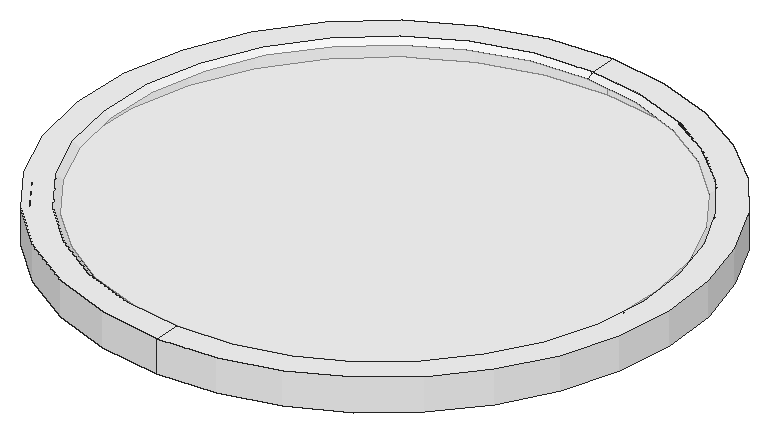
Revit family "AFX-EGRF-", category Lighting Fixtures, host Face, Revit 2020
Family settings
  Host = Face
  Round Connector Dimension = Use Diameter
  Part Type = Normal
  Cut with Voids When Loaded = No
  Light Source = Yes
  Shared = No
  Room Calculation Point = No
Parameters
  Wattage Comments = "22 W"
  Wattage = 9.2903 W
  built-in parameter 1150110 = 1 (stored number, unit not read)
  Voltage = 120 V
  URL = "https://www.afxinc.com/"
  Type Comments = "EGRF"  # constant formula
  built-in parameter 1114217 = 1 (stored number, unit not read)
  Tilt Angle = 90.00°
  built-in parameter 1150109 = 1 (stored number, unit not read)
  built-in parameter 1150134 = 3
  built-in parameter 1150113 = 1 (stored number, unit not read)
  Screen Finish = AFX - Diffuser Frosted
  Revit Model Built By = "https://servex-us.com/servex-revit/"
  Photometric Web File = "EGRF1216Lxx_IES.IES"
  Model = "EGRF12"
  Manufacturer = "AFX Inc"  # constant formula
  built-in parameter 1150105 = 109.82 (stored number, unit not read)
  Lumens = 1380 lm
  built-in parameter 1150115 = 1 (stored number, unit not read)
  built-in parameter 1150137 = (empty or 0)
  built-in parameter 1150139 = (empty or 0)
  built-in parameter 1150112 = 1 (stored number, unit not read)
  built-in parameter 1150114 = 1 (stored number, unit not read)
  Lamp = "LED"
  built-in parameter 1150132 = (empty or 0)
  built-in parameter 1150102 = (empty or 0)
  built-in parameter 1150107 = 3200 (stored number, unit not read)
  built-in parameter 1150138 = (empty or 0)
  built-in parameter 1150106 = 1.0982 (stored number, unit not read)
  Emit from Circle Diameter = 1' - 0"
  Emit Shape Visible in Rendering = no
  built-in parameter 1150104 = 13.8 (stored number, unit not read)
  Dimming Lamp Color Temperature Shift = (empty or 0)
  Description = "Edge Round 12'' LED Flush Mount  -  8 variations"
  Default Elevation = 4' - 0"
  Color Filter = 16777215
  Body Finish = AFX - Metal Powder Coated White
  built-in parameter 1114218 = 1 (stored number, unit not read)
  built-in parameter 1150133 = 10 (stored number, unit not read)
Reference planes (in)
  plane 1 "Center (Front/Back)": y = 0
  plane 2: z = 0
  plane 3 "Center (Left/Right)": x = 0
  plane 4: z = 0.44419
Forms (in)
  Revolve 1, solid, material "AFX - Metal Powder Coated White" <- "Body Finish"
    sketch origin (0, 0, 0) x (0, 1, 0) y (0, 0, 1)
      loop
        line (5.99606, 0.66929) -> (5.4683, 0.66929) -> (5.35325, 0.57087) -> (5.85325, 0.57087) -> (5.85325, 0) -> (5.99606, 0) -> (5.99606, 0.66929)
      axis (0, 0.66929) -> (0, 0)
    angle from 0 to 360
  Extrusion 2, solid, material "AFX - Diffuser Frosted" <- "Screen Finish"
    sketch origin (0, 0, 0) x (1, 0, 0) y (0, 1, 0)
      loop
        circle (0, 0) r 5.7111
    from 0.50394 to 0.57087
  Extrusion 3, solid, material "AFX - Metal Powder Coated White" <- "Body Finish"
    sketch origin (0, 0, 0) x (1, 0, 0) y (0, 1, 0)
      loop
        circle (0, 0) r 5.85325
    from 0 to 0.0685
Dimensions and locks (in)
  locked: plane 4 to plane 2 at 0.44419
  Revolve 1 to Revolve 1 to Extrusion 2 to Extrusion 3 to plane 2 = 0' - 0.09843" locked, 0' - 0.06693" locked, 0' - 0.43543" locked, 0' - 0.0685" locked
  aligned and locked: plane 2 to host face
  aligned and locked: level to host face
  aligned and locked: imposter light to plane 4
  aligned and locked: plane 1 "Center (Front/Back)" to imposter light
  aligned and locked: plane 3 "Center (Left/Right)" to imposter light
Connectors (in)
  electrical at (0, 0, 0), driven by "Voltage"
    settings: on Extrusion 3, index 1, voltage 120 V, apparent load 0 VA, apparent load phase1 0 VA, apparent load phase2 0 VA, apparent load phase3 0 VA, power factor 1, load classification "Lighting", number of poles 1, system type 31, power factor state 1, is connector primary yes, connector utility no, sub classification motor no, connector description ""
